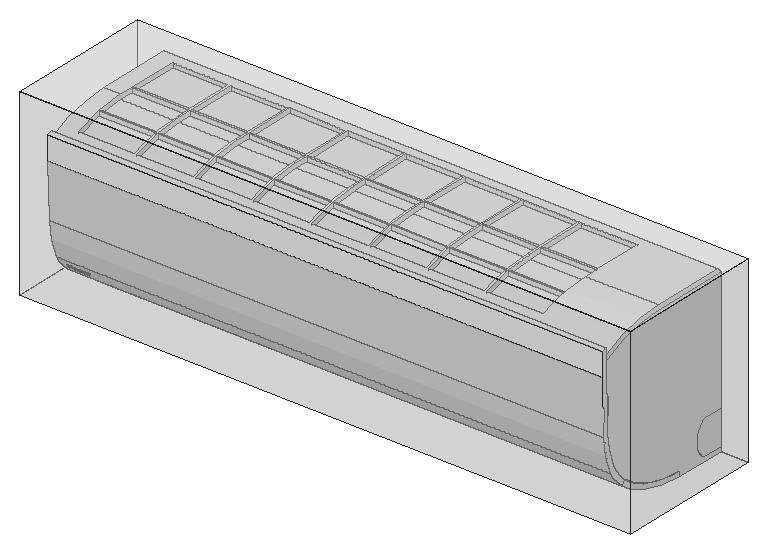
Revit family "outputfile", category 機械設備, Revit 2024
Family settings
  丸型コネクタ寸法 = 半径を使用
  パーツ タイプ = 標準
  OmniClass 番号 = 23.75.10.24.21.27.27
  OmniClass タイトル = Split System Air Conditioning Units
  作業面ベース = いいえ
  常に垂直 = はい
  ロード時にボイドで切り取り = いいえ
  注釈の向きを維持 = いいえ
  共有 = いいえ
  部屋計算ポイント = いいえ
Parameters (values of type "FTXV50QVMV")
  Description = ""
  書き出し IFC クラス(タイプ) = "IfcUnitaryEquipmentType"
  定義済み IFC タイプ(タイプ) = "AIRCONDITIONINGUNIT"
  Cost = 0
  Type Comments = ""
  Keynote = ""
  Type Image = (empty or 0)
  Assembly Code = ""
  w_wall hole = if(Width = 770.0 mm, 48.0 mm, 60.0 mm)  # 60.0 mm
  製造元 = "Daikin"
  モデル = "FTXV50QVMV"
  switch_frequency = yes
  r_Liquid Pipe Size = Liquid Pipe Size / 2  # 3.2 mm
  r_Gas Pipe Size = Gas Pipe Size / 2  # 6.35 mm
  r_Drain Pipe Size = Drain Pipe Size / 2  # 8.0 mm
  lw_powersupply [instance] = if(Width = 770.0 mm, if(or(Rear Right Connection_refrigerant, Bottom Right Connection_refrigerant), 25.0 mm, if(or(Rear Left Connection_refrigerant, Bottom Left Connection_refrigerant), 745.0 mm, 400.0 mm)), if(Width = 990.0 mm, if(or(Rear Right Connection_refrigerant, Bottom Right Connection_refrigerant), 40.0 mm, if(or(Rear Left Connection_refrigerant, Bottom Left Connection_refrigerant), 920.0 mm, 400.0 mm)), if(or(Rear Right Connection_refrigerant, Bottom Right Connection_refrigerant), 40.0 mm, if(or(Rear Left Connection_refrigerant, Bottom Left Connection_refrigerant), 920.0 mm, 400.0 mm))))  # 400.0 mm
  lw_liquidpipe [instance] = if(Width = 770.0 mm, if(or(Rear Right Connection_refrigerant, Bottom Right Connection_refrigerant), 0.0 mm, if(or(Rear Left Connection_refrigerant, Bottom Left Connection_refrigerant), 664.0 mm, 385.0 mm)), if(Width = 990.0 mm, if(or(Rear Right Connection_refrigerant, Bottom Right Connection_refrigerant), 0.0 mm, if(or(Rear Left Connection_refrigerant, Bottom Left Connection_refrigerant), 664.0 mm + (990.0 mm - 770.0 mm), 475.0 mm)), if(or(Rear Right Connection_refrigerant, Bottom Right Connection_refrigerant), 0.0 mm, if(or(Rear Left Connection_refrigerant, Bottom Left Connection_refrigerant), 664.0 mm + (990.0 mm - 770.0 mm), 475.0 mm))))  # 475.0 mm
  lw_gaspipe [instance] = if(Width = 770.0 mm, if(or(Rear Right Connection_refrigerant, Bottom Right Connection_refrigerant), 0.0 mm, if(or(Rear Left Connection_refrigerant, Bottom Left Connection_refrigerant), 675.0 mm, if(Gas Pipe Size = 12.7 mm, 345.0 mm, 335.0 mm))), if(Width = 990.0 mm, if(or(Rear Right Connection_refrigerant, Bottom Right Connection_refrigerant), 10.0 mm, if(or(Rear Left Connection_refrigerant, Bottom Left Connection_refrigerant), 890.0 mm, if(Gas Pipe Size = 15.9 mm, 410.0 mm, 400.0 mm))), if(or(Rear Right Connection_refrigerant, Bottom Right Connection_refrigerant), 10.0 mm, if(or(Rear Left Connection_refrigerant, Bottom Left Connection_refrigerant), 890.0 mm, if(Gas Pipe Size = 15.9 mm, 410.0 mm, 400.0 mm)))))  # 400.0 mm
  lw_drainpipe [instance] = if(Width = 770.0 mm, if(or(Rear Right Connection_refrigerant, Bottom Right Connection_refrigerant), 0.0 mm, if(or(Rear Left Connection_refrigerant, Bottom Left Connection_refrigerant), 770.0 mm - 48.0 mm - 48.0 mm, 440.0 mm)), if(Width = 990.0 mm, if(or(Rear Right Connection_refrigerant, Bottom Right Connection_refrigerant), 0.0 mm, if(or(Rear Left Connection_refrigerant, Bottom Left Connection_refrigerant), 675.0 mm + (990.0 mm - 770.0 mm), 435.0 mm)), if(or(Rear Right Connection_refrigerant, Bottom Right Connection_refrigerant), 0.0 mm, if(or(Rear Left Connection_refrigerant, Bottom Left Connection_refrigerant), 675.0 mm + (990.0 mm - 770.0 mm), 435.0 mm))))  # 435.0 mm
  l_powersupply_length [instance] = if(Width = 770.0 mm, if(Right Connection_refrigerant, 400.0 mm, if(Left Connection_refrigerant, 770.0 mm - 400.0 mm, if(or(Rear Left Connection_refrigerant, Rear Right Connection_refrigerant), 15.0 mm, 50.0 mm))), if(Width = 990.0 mm, if(Right Connection_refrigerant, 400.0 mm, if(Left Connection_refrigerant, 990.0 mm - 400.0 mm, if(or(Rear Left Connection_refrigerant, Rear Right Connection_refrigerant), 15.0 mm, 50.0 mm))), if(Right Connection_refrigerant, 400.0 mm, if(Left Connection_refrigerant, 990.0 mm - 400.0 mm, if(or(Rear Left Connection_refrigerant, Rear Right Connection_refrigerant), 15.0 mm, 50.0 mm)))))  # 400.0 mm
  l_liquidpipe_length [instance] = if(Width = 770.0 mm, if(Right Connection_refrigerant, 433.0 mm, if(Left Connection_refrigerant, 337.0 mm, if(or(Rear Left Connection_refrigerant, Rear Right Connection_refrigerant), 30.0 mm, 40.0 mm))), if(Width = 990.0 mm, if(Right Connection_refrigerant, 535.0 mm, if(Left Connection_refrigerant, 455.0 mm, if(or(Rear Left Connection_refrigerant, Rear Right Connection_refrigerant), 30.0 mm, 40.0 mm))), if(Right Connection_refrigerant, 535.0 mm, if(Left Connection_refrigerant, 455.0 mm, if(or(Rear Left Connection_refrigerant, Rear Right Connection_refrigerant), 30.0 mm, 40.0 mm)))))  # 535.0 mm
  l_gaspipe_length [instance] = if(Width = 770.0 mm, if(Right Connection_refrigerant, if(Gas Pipe Size = 12.7 mm, 393.0 mm, 383.0 mm), if(Left Connection_refrigerant, if(Gas Pipe Size = 12.7 mm, 770.0 mm - 393.0 mm, 770.0 mm - 383.0 mm), if(or(Rear Left Connection_refrigerant, Rear Right Connection_refrigerant), 40.0 mm, 50.0 mm))), if(Width = 990.0 mm, if(Right Connection_refrigerant, if(Gas Pipe Size = 15.9 mm, 470.0 mm, 460.0 mm), if(Left Connection_refrigerant, if(Gas Pipe Size = 15.9 mm, 990.0 mm - 470.0 mm, 990.0 mm - 460.0 mm), if(or(Rear Left Connection_refrigerant, Rear Right Connection_refrigerant), 40.0 mm, 50.0 mm))), if(Right Connection_refrigerant, if(Gas Pipe Size = 15.9 mm, 470.0 mm, 460.0 mm), if(Left Connection_refrigerant, if(Gas Pipe Size = 15.9 mm, 990.0 mm - 470.0 mm, 990.0 mm - 460.0 mm), if(or(Rear Left Connection_refrigerant, Rear Right Connection_refrigerant), 40.0 mm, 50.0 mm)))))  # 460.0 mm
  l_drainpipe_length [instance] = if(Width = 770.0 mm, if(Right Connection_refrigerant, 488.0 mm, if(Left Connection_refrigerant, 282.0 mm, if(or(Rear Left Connection_refrigerant, Rear Right Connection_refrigerant), 15.0 mm, 20.0 mm))), if(Width = 990.0 mm, if(Right Connection_refrigerant, 495.0 mm, if(Left Connection_refrigerant, 495.0 mm, if(or(Rear Left Connection_refrigerant, Rear Right Connection_refrigerant), 15.0 mm, 20.0 mm))), if(Right Connection_refrigerant, 495.0 mm, if(Left Connection_refrigerant, 495.0 mm, if(or(Rear Left Connection_refrigerant, Rear Right Connection_refrigerant), 15.0 mm, 20.0 mm)))))  # 495.0 mm
  h*** = 0.0 mm  # constant formula
  connector_voltage = Voltage_50Hz  # 230 V
  connector_powerinput = if([Power Input (Cooling)] > [Power Input (Heating)], [Power Input (Cooling)], [Power Input (Heating)])  # 0.000 kW
  connector_phase = Phase_50Hz  # 1
  angle_vertical [instance] = if(or(Bottom Left Connection_refrigerant, Bottom Right Connection_refrigerant), 0.00°, 90.00°)  # 90.00°
  angle_horizontal [instance] = if(Right Connection_refrigerant, 90.00°, if(Left Connection_refrigerant, -90.00°, if(or(Rear Left Connection_refrigerant, Rear Right Connection_refrigerant), 180.00°, 0.00°)))  # 90.00°
  Width = 990.0 mm
  Voltage_comment_50Hz = "220 - 240"
  Voltage_50Hz = 230 V
  Version = "ver.1.0"
  Unit Type = "Wall Mounted"
  Unit Mass Weight = 13.00 kg
  Unit Designation [instance] = ""
  Uniclass2015Version = "Products v1.30"
  Uniclass2015Title = "Split coil room air conditioning units"
  Uniclass2015Code = "Pr_70_65_03_86"
  URL = ""
  Total Heating Capacity [instance] = 0.000 kW
  Total Cooling Capacity [instance] = 0.000 kW
  Sound Pressure Level_M speed (dBA) = 40
  Sound Pressure Level_L speed (dBA) = 35
  Sound Pressure Level_H speed (dBA) = 45
  Sound Power Level_H speed (dB) = 0
  Series = "Single Split_Fan Coil Unit"
  Sensible Cooling Capacity [instance] = 0.000 kW
  Refrigerant Type = "R32"
  Power Input (Heating) = 0.000 kW
  Power Input (Cooling) = 0.000 kW
  Phase_50Hz = 1
  Option Accessory 3 [instance] = ""
  Option Accessory 2 [instance] = ""
  Option Accessory 1 [instance] = ""
  Nominal Heating Capacity = 6.000 kW
  Nominal Cooling Capacity = 5.000 kW
  Minimum Circuit Amps_50Hz = 0.0 A
  Minimum Airflow = 666.00 m³/h
  Median Airflow = 816.00 m³/h
  Maximum Fuse Amps_50Hz = 0.0 A
  Maximum Airflow = 960.00 m³/h
  Material_Casing = DAIKIN_PureWhite_Casing_indoorunit
  Load Classification = HVAC
  Liquid Pipe Size = 6.4 mm
  Link_Nested Family [instance] = ""
  IfcVersion = ""
  IfcExportType = "AIRCONDITIONINGUNIT"
  IfcExportAs = "IfcUnitaryEquipmentType"
  Height = 295.0 mm
  Heating Entering Wet Bulb Temperature [instance] = 0.00 °C
  Heating Entering Dry Bulb Temperature [instance] = 0.00 °C
  Heating Ambient Wet Bulb Temperature [instance] = 0.00 °C
  Heating Ambient Dry Bulb Temperature [instance] = 0.00 °C
  Heat Exchanger Type = "Cross Fin Coil"
  Gas Pipe Size = 12.7 mm
  Frequency_50Hz = 50 Hz
  Fan Type = "Cross Flow Fan"
  Fan Drive = "Direct Drive"
  FCU Tag No. [instance] = ""
  Drain Pipe Size = 16.0 mm
  Design Supply Airflow [instance] = 0.00 m³/h
  Depth = 263.0 mm
  既定の高さ = 0.0 mm
  Cooling Entering Wet Bulb Temperature [instance] = 0.00 °C
  Cooling Entering Dry Bulb Temperature [instance] = 0.00 °C
  Cooling Ambient Wet Bulb Temperature [instance] = 0.00 °C
  Cooling Ambient Dry Bulb Temperature [instance] = 0.00 °C
  Clearance visibility [instance] = yes
  Clearance Top = 30.0 mm
  Clearance Right = 50.0 mm
  Clearance Rear = 0.0 mm
  Clearance Left = 50.0 mm
  Clearance Front = 0.0 mm
  Clearance Bottom = 0.0 mm
  Bottom Right Connection_refrigerant [instance] = no
  Bottom Left Connection_refrigerant [instance] = no
  Rear Right Connection_refrigerant [instance] = no
  Rear Left Connection_refrigerant [instance] = no
  Right Connection_refrigerant [instance] = yes
  Left Connection_refrigerant [instance] = no
Reference planes
  plane 1 "Back": y = 0
  plane 2: z = 0
  plane 3 "Center (Left/Right)": x = 0
  plane 4 "Center (Front/Back)": y = -131.5
  plane 5 "Front": y = -263
  plane 6 "Left": x = -495
  plane 7 "Right": x = 495
  plane 8 "Top": z = 0
  plane 9 "Bottom": z = -295
  plane 10: x = -545
  plane 11: x = 545
  plane 12: y = 0
  plane 13: y = -263
  plane 14: z = 30
  plane 15: z = -295
  plane 16 "lw_Piping and Wiring intake": x = 435
  plane 17 "lw_gaspipe": x = 35
  plane 18 "lw_liquidpipe": x = -40
  plane 19 "lw_drainpipe": x = 0
  plane 20 "lh_drainpipe": z = -275
  plane 21 "lh_liquidpipe": z = -255
  plane 22 "lh_gaspipe": z = -245
  plane 23 "ld_drainpipe": y = -15
  plane 24 "ld_liquidpipe": y = -30
  plane 25 "ld_gaspipe": y = -40
  plane 26 "lw_powersupply": x = 95
Dimensions and locks
  equal spacing: plane 6 "Left", plane 3 "Center (Left/Right)", plane 7 "Right"
  "Width": plane 6 "Left" to plane 7 "Right"
  equal spacing: plane 5 "Front", plane 4 "Center (Front/Back)", plane 1 "Back"
  "Depth": plane 5 "Front" to plane 1 "Back"
  "Height": plane 8 "Top" to plane 9 "Bottom"
  "Clearance Rear": plane 12 to plane 1 "Back"
  "Clearance Front": plane 13 to plane 5 "Front"
  "Clearance Top": plane 14 to plane 8 "Top"
  "Clearance Bottom": plane 9 "Bottom" to plane 15
  "w_wall hole": plane 16 "lw_Piping and Wiring intake" to plane 7 "Right"
  "lw_gaspipe": plane 17 "lw_gaspipe" to plane 16 "lw_Piping and Wiring intake"
  "lw_liquidpipe": plane 18 "lw_liquidpipe" to plane 16 "lw_Piping and Wiring intake"
  "lw_drainpipe": plane 19 "lw_drainpipe" to plane 16 "lw_Piping and Wiring intake"
  locked: plane 20 "lh_drainpipe" to plane 9 "Bottom" at 20
  locked: plane 21 "lh_liquidpipe" to plane 9 "Bottom" at 40
  locked: plane 22 "lh_gaspipe" to plane 9 "Bottom" at 50
  locked: plane 23 "ld_drainpipe" to plane 1 "Back" at 15
  locked: plane 1 "Back" to plane 24 "ld_liquidpipe" at 30
  locked: plane 1 "Back" to plane 25 "ld_gaspipe" at 40
  "lw_powersupply": plane 26 "lw_powersupply" to plane 7 "Right"
  "Clearance Left": plane 10 to plane 6 "Left"
  "Clearance Right": plane 7 "Right" to plane 11
  aligned and locked: level to plane 2
  aligned and locked: plane 12 to nested 1
  aligned and locked: nested 1 to plane 13
  aligned and locked: plane 10 to nested 1
  aligned and locked: plane 11 to nested 1
  aligned and locked: plane 15 to nested 1
  aligned and locked: plane 14 to nested 1
  aligned and locked: plane 17 "lw_gaspipe" to nested 2
  aligned and locked: nested 2 to plane 25 "ld_gaspipe"
  aligned and locked: plane 18 "lw_liquidpipe" to nested 3
  aligned and locked: nested 3 to plane 24 "ld_liquidpipe"
  aligned and locked: plane 19 "lw_drainpipe" to nested 4
  aligned and locked: nested 4 to plane 23 "ld_drainpipe"
  aligned and locked: nested 5 to plane 23 "ld_drainpipe"
  aligned and locked: plane 26 "lw_powersupply" to nested 5
  aligned and locked: level to plane 8 "Top"
  aligned and locked: plane 3 "Center (Left/Right)" to nested 6
  aligned and locked: plane 1 "Back" to nested 6
  aligned and locked: plane 8 "Top" to nested 6
Nested families
  nested 1: "daikin_clearancespace" at (0, -131.5, -132.381), show <- "Clearance visibility", visible <- "Clearance visibility", Link_Nested Family <- "Link_Nested Family", type "daikin_clearancespace"
    with width 1090.0 mm, show yes, height 325.0 mm, depth 263.0 mm, Link_Nested Family ""
  nested 2: "daikin_connector_rotate3" at (35, -40, -245), angle_vertical <- "angle_vertical", angle_horizontal <- "angle_horizontal", length <- "l_gaspipe_length", radius <- "r_Gas Pipe Size", type "daikin_connector_rotate3"
    with show no, radius 6.35 mm, length 460.0 mm, angle_vertical 90.00°, angle_horizontal 90.00°
  nested 3: "daikin_connector_rotate3" at (-40, -30, -255), angle_vertical <- "angle_vertical", angle_horizontal <- "angle_horizontal", radius <- "r_Liquid Pipe Size", length <- "l_liquidpipe_length", type "daikin_connector_rotate3"
    with show no, radius 3.2 mm, length 535.0 mm, angle_vertical 90.00°, angle_horizontal 90.00°
  nested 4: "daikin_connector_rotate3" at (0, -15, -275), angle_vertical <- "angle_vertical", angle_horizontal <- "angle_horizontal", length <- "l_drainpipe_length", radius <- "r_Drain Pipe Size", type "daikin_connector_rotate3"
    with show no, radius 8.0 mm, length 495.0 mm, angle_vertical 90.00°, angle_horizontal 90.00°
  nested 5: "daikin_connector_rotate3" at (95, -15, -245), angle_vertical <- "angle_vertical", angle_horizontal <- "angle_horizontal", length <- "l_powersupply_length", type "daikin_connector_rotate3"
    with show no, radius 10.0 mm, length 400.0 mm, angle_vertical 90.00°, angle_horizontal 90.00°
  nested 6: "DAIKIN_indoorunit_FTXV-QVMV" at (-31, 0, 0), type "FTXV-QVMV"
    with switch_unit1_50-71 yes, switch_unit1_25-35 no, Width 990.0 mm, WALL HOLE-R 60.0 mm, WALL HOLE Size 80.0 mm, Height 295.0 mm
Connectors
  piping at (495, -40, -245), diameter 12.7, driven by "r_Gas Pipe Size"
    settings: on nested 2, index 1, connector inside diameter 609.6 mm, connector length 0.0 mm, flow factor 0, pipe flow 0.00 m³/h, pressure drop 0.0 Pa, fitting loss kfactor 0, connector angle 0.00°, fixture units 0, engagement length 0.0 mm, angle of deflection 0.00°, flow configuration 1, flow direction 2, fitting loss method 0, system type 29, joint type 0, gender type 0, connector reference index -1, connector utility 0, adjustable connector no, is connector primary yes, connector description "Refrigerant Gas Piping"
  piping at (495, -30, -255), diameter 6.4, driven by "r_Liquid Pipe Size"
    settings: on nested 3, index 2, connector inside diameter 609.6 mm, connector length 0.0 mm, flow factor 0, pipe flow 0.00 m³/h, pressure drop 0.0 Pa, fitting loss kfactor 0, connector angle 0.00°, fixture units 0, engagement length 0.0 mm, angle of deflection 0.00°, flow configuration 1, flow direction 1, fitting loss method 0, system type 29, joint type 0, gender type 0, connector reference index -1, connector utility 0, adjustable connector no, is connector primary no, connector description "Refrigerant Liquid Piping"
  piping at (495, -15, -275), diameter 16, driven by "r_Drain Pipe Size"
    settings: on nested 4, index 3, connector inside diameter 609.6 mm, connector length 0.0 mm, flow factor 0, pipe flow 0.00 m³/h, pressure drop 0.0 Pa, fitting loss kfactor 0, connector angle 0.00°, fixture units 0, engagement length 0.0 mm, angle of deflection 0.00°, flow configuration 1, flow direction 2, fitting loss method 4, system type 16, joint type 0, gender type 0, connector reference index -1, connector utility 0, adjustable connector no, is connector primary no, connector description "Condensate Drain Piping"
  electrical at (495, -15, -245), driven by "Load Classification", driven by "connector_powerinput", driven by "connector_phase", driven by "connector_voltage"
    settings: on nested 5, index 4, voltage 230 V, apparent load 0 VA, apparent load phase1 0 VA, apparent load phase2 0 VA, apparent load phase3 0 VA, power factor 1, load classification "HVAC", number of poles 1, system type 30, power factor state 1, is connector primary yes, connector utility no, sub classification motor no, connector description "Power Supply"
Definition of nested family "daikin_clearancespace"
  Parameters (values of type "daikin_clearancespace")
    Description = "daikin_clearancespace"
    width [instance] = 1823.963 mm
    show [instance] = yes
    material = none
    height [instance] = 1359.762 mm
    depth [instance] = 880.0 mm
    Default Elevation = 0.0 mm
    Link_Nested Family [instance] = ""
  Reference planes
    plane 1 "Center (Front/Back)": y = 0
    plane 2 "Center (Elevation)": z = -0.119
    plane 3 "Center (Left/Right)": x = 0
    plane 4: y = 440
    plane 5: y = -440
    plane 6 "Right": x = 911.982
    plane 7 "Left": x = -911.982
    plane 8 "Top": z = 679.762
    plane 9 "Bottom": z = -680
  Forms (mm)
    Extrusion 1, solid, material <- "material", visible <- "show"
      sketch origin (0, 0, 0) x (1, 0, 0) y (0, 1, 0)
        loop
          line (-911.982, 440) -> (-911.982, -440) -> (911.982, -440) -> (911.982, 440) -> (-911.982, 440)
      from -680 to 679.762
  Lines and regions (mm)
    symbolic lines, visible <- "show"
      curve 1: line (911.982, 440, 0) -> (-911.982, 440, 0)
      curve 2: line (-911.982, 440, 0) -> (-911.982, -440, 0)
      curve 3: line (-911.982, -440, 0) -> (911.982, -440, 0)
      curve 4: line (911.982, -440, 0) -> (911.982, 440, 0)
      curve 5: line (911.982, 0, 679.762) -> (-911.982, 0, 679.762)
      curve 6: line (911.982, 0, -680) -> (911.982, 0, 679.762)
      curve 7: line (-911.982, 0, -680) -> (911.982, 0, -680)
      curve 8: line (-911.982, 0, 679.762) -> (-911.982, 0, -680)
      curve 9: line (0, 440, 679.762) -> (0, -440, 679.762)
      curve 10: line (0, -440, 679.762) -> (0, -440, -680)
      curve 11: line (0, 440, -680) -> (0, 440, 679.762)
      curve 12: line (0, -440, -680) -> (0, 440, -680)
  Dimensions and locks
    "width": plane 7 "Left" to plane 6 "Right"
    "depth": plane 4 to plane 5
    "height": plane 8 "Top" to plane 9 "Bottom"
    equal spacing: plane 7 "Left", plane 3 "Center (Left/Right)", plane 6 "Right"
    equal spacing: plane 4, plane 1 "Center (Front/Back)", plane 5
    equal spacing: plane 8 "Top", plane 2 "Center (Elevation)", plane 9 "Bottom"
    aligned and locked: level to plane 2 "Center (Elevation)"
    aligned and locked: Extrusion 1 sketch curve to plane 4
    aligned and locked: plane 7 "Left" to Extrusion 1 sketch curve
    aligned and locked: Extrusion 1 sketch curve to plane 5
    aligned and locked: Extrusion 1 sketch curve to plane 6 "Right"
    aligned and locked: plane 8 "Top" to Extrusion 1
    aligned and locked: curve 1 to Extrusion 1
    aligned and locked: curve 2 to Extrusion 1
    aligned and locked: curve 3 to Extrusion 1
    aligned and locked: curve 4 to Extrusion 1
    aligned and locked: curve 5 to Extrusion 1
    aligned and locked: curve 6 to Extrusion 1
    aligned and locked: curve 7 to Extrusion 1
    aligned and locked: curve 8 to Extrusion 1
    aligned and locked: curve 9 to Extrusion 1
    aligned and locked: curve 10 to Extrusion 1
    aligned and locked: curve 11 to Extrusion 1
    aligned and locked: curve 12 to Extrusion 1
    aligned and locked: Extrusion 1 to plane 9 "Bottom"
Definition of nested family "DAIKIN_indoorunit_FTXV-QVMV"
  Parameters (values of type "CTKM-RVMV")
    switch_unit1_50-71 = Width = 990.0 mm  # no
    switch_unit1_25-35 = Width = 770.0 mm  # yes
    Width = 770.0 mm
    WALL HOLE-R = if(Width = 770.0 mm, 48.0 mm, 60.0 mm)  # 48.0 mm
    WALL HOLE Size = if(Width = 770.0 mm, 65.0 mm, 80.0 mm)  # 65.0 mm
    Material_Casing = none
    Height = if(Width = 770.0 mm, 285.0 mm, 295.0 mm)  # 285.0 mm
    Default Elevation = 0.0 mm
  Reference planes
    plane 1 "Center (Front/Back)": y = 0
    plane 2 "reference_level": z = 0
    plane 3 "Center (Left/Right)": x = 31
    plane 4: x = -354
    plane 5: x = 416
    plane 6: z = -285
  Forms (mm)
    Extrusion 1, solid, material <- "Material_Casing", visible <- "switch_unit1_25-35"
      sketch origin (29, 0, 0) x (0, 1, 0) y (0, 0, 1)
        loop
          line (-5, 0) -> (-98, 0)
          arc (-98, 0) -> (-157.611, -7.211) -> (-213.783, -28.427) r 250
          arc (-213.783, -28.427) -> (-213.842, -32.972) -> (-213.892, -37.516) r 2191
          arc (-213.892, -37.516) -> (-157.832, -15.495) -> (-98.07, -8) r 242
          line (-98.07, -8) -> (0, -8) -> (-5, 0)
      from -383 to 387
    Extrusion 2, solid, material <- "Material_Casing", visible <- "switch_unit1_25-35"
      sketch origin (416, 1296.25, 1200) x (0, 1, 0) y (0, 0, 1)
        loop
          line (-1472.998, -1446.91) -> (-1476.998, -1453.839)
          arc (-1476.998, -1453.839) -> (-1437.481, -1472.422) -> (-1395.25, -1483.538) r 240
          line (-1395.25, -1483.538) -> (-1395.25, -1475.422)
          arc (-1395.25, -1475.422) -> (-1435.407, -1464.663) -> (-1472.998, -1446.91) r 232
      from 0 to -47.5
    Extrusion 3, solid, material <- "Material_Casing", visible <- "switch_unit1_25-35"
      sketch origin (29, 0, 0) x (0, 1, 0) y (0, 0, 1)
        loop
          arc (-223, -60.455) -> (-222.414, -110.646) -> (-220.656, -160.81) r 2149.92
          arc (-220.656, -160.81) -> (-219.65, -174.299) -> (-217.853, -187.706) r 229.911
          arc (-217.853, -187.706) -> (-205.371, -223.594) -> (-181.517, -253.17) r 111
          line (-181.517, -253.17) -> (-177.429, -246.093)
          arc (-177.429, -246.093) -> (-198.77, -218.989) -> (-209.965, -186.36) r 103
          arc (-209.965, -186.36) -> (-211.681, -173.586) -> (-212.651, -160.735) r 221.844
          arc (-212.651, -160.735) -> (-214.739, -93.233) -> (-214.74, -25.699) r 2186.828
          arc (-214.74, -25.699) -> (-214.671, -21.467) -> (-214.594, -17.235) r 2192
          line (-214.594, -17.235) -> (-223, -19.961) -> (-223, -60.455)
      from -383 to 387
    Extrusion 4, solid, material <- "Material_Casing", visible <- "switch_unit1_25-35"
      sketch origin (29, 0, -20) x (0, 1, 0) y (0, 0, 1)
        loop
          line (0, -265) -> (0, 12) -> (-98.07, 12)
          arc (-98.07, 12) -> (-157.832, 4.505) -> (-213.892, -17.516) r 242
          arc (-213.892, -17.516) -> (-213.638, -79.114) -> (-211.653, -140.681) r 2191
          arc (-211.653, -140.681) -> (-210.685, -153.501) -> (-208.973, -166.243) r 221
          arc (-208.973, -166.243) -> (-197.471, -199.282) -> (-175.482, -226.491) r 102
          arc (-175.482, -226.491) -> (-138.004, -244.019) -> (-98, -254.579) r 231
          line (-98, -254.579) -> (-98, -265) -> (0, -265)
      from -383 to 387
    Extrusion 5, solid, material <- "Material_Casing", visible <- "switch_unit1_25-35"
      sketch origin (-354, 1296.25, 1200) x (0, 1, 0) y (0, 0, 1)
        loop
          line (-1472.998, -1446.91) -> (-1476.998, -1453.839)
          arc (-1476.998, -1453.839) -> (-1437.481, -1472.422) -> (-1395.25, -1483.538) r 240
          line (-1395.25, -1483.538) -> (-1395.25, -1475.422)
          arc (-1395.25, -1475.422) -> (-1435.407, -1464.663) -> (-1472.998, -1446.91) r 232
      from 47 to 0
    Extrusion 6, solid, material <- "Material_Casing", visible <- "switch_unit1_25-35"
      sketch origin (416, 1296.25, 1200) x (0, 1, 0) y (0, 0, 1)
        loop
          line (-1472.998, -1446.91) -> (-1476.998, -1453.839)
          arc (-1476.998, -1453.839) -> (-1443.437, -1470.168) -> (-1407.75, -1481.097) r 240
          line (-1407.75, -1481.097) -> (-1407.75, -1472.894)
          arc (-1407.75, -1472.894) -> (-1441.363, -1462.385) -> (-1472.998, -1446.91) r 232
      from -116.993 to -48.493
    Extrusion 7, solid, material <- "Material_Casing", visible <- "switch_unit1_25-35"
      sketch origin (416, 1296.25, 1200) x (0, 1, 0) y (0, 0, 1)
        loop
          line (-1472.998, -1446.91) -> (-1476.998, -1453.839)
          arc (-1476.998, -1453.839) -> (-1443.437, -1470.168) -> (-1407.75, -1481.097) r 240
          line (-1407.75, -1481.097) -> (-1407.75, -1472.894)
          arc (-1407.75, -1472.894) -> (-1441.363, -1462.385) -> (-1472.998, -1446.91) r 232
      from -717 to -121.993
    Extrusion 8, void
      sketch origin (31, 0, -235) x (1, 0, 0) y (0, 1, 0)
        loop
          line (-252.674, -22.316) -> (-354.941, -22.316) -> (-354.941, -91.341) -> (-252.674, -91.341) -> (-252.674, -22.316)
        loop
          line (-249.341, -91.341) -> (-151.574, -91.341) -> (-151.574, -22.316) -> (-249.341, -22.316) -> (-249.341, -91.341)
        loop
          line (58.309, -22.316) -> (-148.309, -22.316) -> (-148.309, -91.341) -> (58.309, -91.341) -> (58.309, -22.316)
        loop
          line (61.689, -22.316) -> (61.689, -91.341) -> (159.457, -91.341) -> (159.457, -22.316) -> (61.689, -22.316)
        loop
          line (162.789, -22.316) -> (162.789, -91.341) -> (265.057, -91.341) -> (265.057, -22.316) -> (162.789, -22.316)
        loop
          line (-354.941, -94.659) -> (-354.941, -165.259) -> (-252.674, -165.259) -> (-252.674, -94.659) -> (-354.941, -94.659)
        loop
          line (-249.341, -94.659) -> (-249.341, -165.259) -> (-151.574, -165.259) -> (-151.574, -94.659) -> (-249.341, -94.659)
        loop
          line (-148.309, -94.659) -> (-148.309, -165.259) -> (58.309, -165.259) -> (58.309, -94.659) -> (-148.309, -94.659)
        loop
          line (61.689, -94.659) -> (61.689, -165.259) -> (159.457, -165.259) -> (159.457, -94.659) -> (61.689, -94.659)
        loop
          line (162.789, -94.659) -> (162.789, -165.259) -> (265.057, -165.259) -> (265.057, -94.659) -> (162.789, -94.659)
        loop
          line (-354.941, -167.382) -> (-354.941, -192.681) -> (-252.674, -192.681) -> (-252.674, -167.382) -> (-354.941, -167.382)
        loop
          line (-249.341, -167.382) -> (-249.341, -192.681) -> (-151.574, -192.681) -> (-151.574, -167.382) -> (-249.341, -167.382)
        loop
          line (-148.309, -167.382) -> (-148.309, -192.681) -> (58.309, -192.681) -> (58.309, -167.382) -> (-148.309, -167.382)
        loop
          line (159.457, -167.382) -> (61.689, -167.382) -> (61.689, -192.681) -> (159.457, -192.681) -> (159.457, -167.382)
        loop
          line (265.057, -167.382) -> (162.789, -167.382) -> (162.789, -192.681) -> (265.057, -192.681) -> (265.057, -167.382)
      from 201.638 to 250
    Extrusion 9, solid, material <- "Material_Casing"
      sketch origin (31, 0, 0) x (1, 0, 0) y (0, 0, 1)
        loop
          circle (337, -240.5) r 32.5
        loop
          circle (-337, -240.5) r 32.5
      from 0 to 5
    Extrusion 10, solid, material <- "Material_Casing", visible <- "switch_unit1_25-35"
      sketch origin (416, 1296.25, 1200) x (0, -1, 0) y (0, 0, 1)
        loop
          line (1326.25, -1417) -> (1296.25, -1417) -> (1296.25, -1477) -> (1326.25, -1477)
          arc (1326.25, -1477) -> (1340.393, -1471.142) -> (1346.25, -1457) r 20
          line (1346.25, -1457) -> (1346.25, -1437)
          arc (1346.25, -1437) -> (1340.393, -1422.858) -> (1326.25, -1417) r 20
      from 0 to 5
    Extrusion 11, solid, material <- "Material_Casing", visible <- "switch_unit1_25-35"
      sketch origin (-354, 1296.25, 1200) x (0, 1, 0) y (0, 0, 1)
        loop
          line (-1296.25, -1417) -> (-1326.25, -1417)
          arc (-1326.25, -1417) -> (-1340.393, -1422.858) -> (-1346.25, -1437) r 20
          line (-1346.25, -1437) -> (-1346.25, -1457)
          arc (-1346.25, -1457) -> (-1340.393, -1471.142) -> (-1326.25, -1477) r 20
          line (-1326.25, -1477) -> (-1296.25, -1477) -> (-1296.25, -1417)
      from 0 to 5
    Extrusion 12, solid, material <- "Material_Casing", visible <- "switch_unit1_25-35"
      sketch origin (31, 0, -285) x (-1, 0, 0) y (0, -1, 0)
        loop
          line (-314, 0) -> (-314, 30)
          arc (-314, 30) -> (-319.858, 44.142) -> (-334, 50) r 20
          line (-334, 50) -> (-354, 50)
          arc (-354, 50) -> (-368.142, 44.142) -> (-374, 30) r 20
          line (-374, 30) -> (-374, 0) -> (-314, 0)
        loop
          line (374, 0) -> (374, 30)
          arc (374, 30) -> (368.142, 44.142) -> (354, 50) r 20
          line (354, 50) -> (334, 50)
          arc (334, 50) -> (319.858, 44.142) -> (314, 30) r 20
          line (314, 30) -> (314, 0) -> (374, 0)
      from 0 to 5
    Extrusion 13, solid, material <- "Material_Casing", visible <- "switch_unit1_50-71"
      sketch origin (31, 0, 0) x (0, 1, 0) y (0, 0, 1)
        loop
          line (-5, 0) -> (-138, 0)
          arc (-138, 0) -> (-197.611, -7.211) -> (-253.783, -28.427) r 250
          arc (-253.783, -28.427) -> (-253.838, -32.687) -> (-253.886, -36.946) r 2191
          arc (-253.886, -36.946) -> (-197.73, -15.346) -> (-138.014, -8) r 246.393
          line (-138.014, -8) -> (0, -8) -> (-5, 0)
      from -495 to 495
    Extrusion 14, solid, material <- "Material_Casing", visible <- "switch_unit1_50-71"
      sketch origin (418, 1296.25, 1200) x (0, 1, 0) y (0, 0, 1)
        loop
          arc (-1515.208, -1454.149) -> (-1506.856, -1460.599) -> (-1497.925, -1466.219) r 110
          arc (-1497.925, -1466.219) -> (-1445.718, -1487.493) -> (-1389.844, -1494.995) r 223
          line (-1389.844, -1494.995) -> (-1389.844, -1486.086) -> (-1404.386, -1486.086)
          arc (-1404.386, -1486.086) -> (-1449.542, -1477.46) -> (-1491.818, -1459.402) r 214.289
          arc (-1491.818, -1459.402) -> (-1501.056, -1453.541) -> (-1509.606, -1446.715) r 101
          line (-1509.606, -1446.715) -> (-1515.208, -1454.149)
      from 108 to 57.5
    Extrusion 15, solid, material <- "Material_Casing", visible <- "switch_unit1_50-71"
      sketch origin (31, 0, 0) x (0, 1, 0) y (0, 0, 1)
        loop
          line (-263, -19.962) -> (-263, -61.6)
          arc (-263, -61.6) -> (-262.414, -110.219) -> (-260.656, -158.81) r 2017.341
          arc (-260.656, -158.81) -> (-255.648, -191.935) -> (-244.041, -223.362) r 164.725
          arc (-244.041, -223.362) -> (-233.569, -239.793) -> (-219.717, -253.495) r 87.379
          line (-219.717, -253.495) -> (-214.706, -246.846)
          arc (-214.706, -246.846) -> (-229.564, -230.029) -> (-240.385, -210.371) r 102
          arc (-240.385, -210.371) -> (-249.049, -182.962) -> (-252.848, -154.467) r 165.789
          arc (-252.848, -154.467) -> (-254.771, -90.102) -> (-254.74, -25.708) r 2122.533
          arc (-254.74, -25.708) -> (-254.671, -21.469) -> (-254.594, -17.23) r 2192
          line (-254.594, -17.23) -> (-263, -19.962)
      from -495 to 495
    Extrusion 16, void
      sketch origin (33, 0, 0) x (1, 0, 0) y (0, 1, 0)
        loop
          line (-466.909, -22.316) -> (-466.909, -111.341) -> (-366.303, -111.341) -> (-366.303, -22.316) -> (-466.909, -22.316)
        loop
          line (-362.71, -22.316) -> (-362.71, -111.341) -> (-262.103, -111.341) -> (-262.103, -22.316) -> (-362.71, -22.316)
        loop
          line (-258.51, -22.316) -> (-258.51, -111.341) -> (-157.904, -111.341) -> (-157.904, -22.316) -> (-258.51, -22.316)
        loop
          line (-154.31, -22.316) -> (-154.31, -111.341) -> (-53.704, -111.341) -> (-53.704, -22.316) -> (-154.31, -22.316)
        loop
          line (-50.11, -22.316) -> (-50.11, -111.341) -> (50.496, -111.341) -> (50.496, -22.316) -> (-50.11, -22.316)
        loop
          line (54.089, -22.316) -> (54.089, -111.341) -> (154.696, -111.341) -> (154.696, -22.316) -> (54.089, -22.316)
        loop
          line (158.289, -22.316) -> (158.289, -111.341) -> (258.895, -111.341) -> (258.895, -22.316) -> (158.289, -22.316)
        loop
          line (262.489, -22.316) -> (262.489, -111.341) -> (363.095, -111.341) -> (363.095, -22.316) -> (262.489, -22.316)
        loop
          line (-466.909, -114.459) -> (-466.909, -185.059) -> (-366.303, -185.059) -> (-366.303, -114.459) -> (-466.909, -114.459)
        loop
          line (-362.71, -114.459) -> (-362.71, -185.059) -> (-262.103, -185.059) -> (-262.103, -114.459) -> (-362.71, -114.459)
        loop
          line (-258.51, -114.459) -> (-258.51, -185.059) -> (-157.904, -185.059) -> (-157.904, -114.459) -> (-258.51, -114.459)
        loop
          line (-154.31, -114.459) -> (-154.31, -185.059) -> (-53.704, -185.059) -> (-53.704, -114.459) -> (-154.31, -114.459)
        loop
          line (-50.11, -114.459) -> (-50.11, -185.059) -> (50.496, -185.059) -> (50.496, -114.459) -> (-50.11, -114.459)
        loop
          line (54.089, -114.459) -> (54.089, -185.059) -> (154.696, -185.059) -> (154.696, -114.459) -> (54.089, -114.459)
        loop
          line (158.289, -114.459) -> (158.289, -185.059) -> (258.895, -185.059) -> (258.895, -114.459) -> (158.289, -114.459)
        loop
          line (262.489, -114.459) -> (262.489, -185.059) -> (363.095, -185.059) -> (363.095, -114.459) -> (262.489, -114.459)
        loop
          line (-466.909, -187.382) -> (-466.909, -232.681) -> (-366.303, -232.681) -> (-366.303, -187.382) -> (-466.909, -187.382)
        loop
          line (-362.71, -187.382) -> (-362.71, -232.681) -> (-262.103, -232.681) -> (-262.103, -187.382) -> (-362.71, -187.382)
        loop
          line (-258.51, -187.382) -> (-258.51, -232.681) -> (-157.904, -232.681) -> (-157.904, -187.382) -> (-258.51, -187.382)
        loop
          line (-154.31, -187.382) -> (-154.31, -232.681) -> (-53.704, -232.681) -> (-53.704, -187.382) -> (-154.31, -187.382)
        loop
          line (-50.11, -187.382) -> (-50.11, -232.681) -> (50.496, -232.681) -> (50.496, -187.382) -> (-50.11, -187.382)
        loop
          line (54.089, -187.382) -> (54.089, -232.681) -> (154.696, -232.681) -> (154.696, -187.382) -> (54.089, -187.382)
        loop
          line (158.289, -187.382) -> (158.289, -232.681) -> (258.895, -232.681) -> (258.895, -187.382) -> (158.289, -187.382)
        loop
          line (262.489, -187.382) -> (262.489, -232.681) -> (363.095, -232.681) -> (363.095, -187.382) -> (262.489, -187.382)
      from -40.013 to 47.268
    Extrusion 17, solid, material <- "Material_Casing", visible <- "switch_unit1_50-71"
      sketch origin (-356, 1296.25, 1200) x (0, 1, 0) y (0, 0, -1)
        loop
          line (-1515.208, 1454.149) -> (-1509.606, 1446.715)
          arc (-1509.606, 1446.715) -> (-1501.056, 1453.541) -> (-1491.818, 1459.402) r 101
          arc (-1491.818, 1459.402) -> (-1449.542, 1477.46) -> (-1404.386, 1486.086) r 214.289
          line (-1404.386, 1486.086) -> (-1389.844, 1486.086) -> (-1389.844, 1494.995)
          arc (-1389.844, 1494.995) -> (-1445.718, 1487.493) -> (-1497.925, 1466.219) r 223
          arc (-1497.925, 1466.219) -> (-1506.856, 1460.599) -> (-1515.208, 1454.149) r 110
      from 108 to 61
    Extrusion 18, solid, material <- "Material_Casing", visible <- "switch_unit1_50-71"
      sketch origin (418, 1296.25, 1200) x (0, 1, 0) y (0, 0, 1)
        loop
          arc (-1515.208, -1454.149) -> (-1506.856, -1460.599) -> (-1497.925, -1466.219) r 110
          arc (-1497.925, -1466.219) -> (-1463.185, -1482.066) -> (-1426.25, -1491.755) r 223
          line (-1426.25, -1491.755) -> (-1426.25, -1483.166)
          arc (-1426.25, -1483.166) -> (-1460.008, -1473.969) -> (-1491.818, -1459.402) r 214.289
          arc (-1491.818, -1459.402) -> (-1501.056, -1453.541) -> (-1509.606, -1446.715) r 101
          line (-1509.606, -1446.715) -> (-1515.208, -1454.149)
      from 56.5 to -36.993
    Extrusion 19, solid, material <- "Material_Casing", visible <- "switch_unit1_50-71"
      sketch origin (418, 1296.25, 1200) x (0, 1, 0) y (0, 0, 1)
        loop
          arc (-1426.25, -1483.166) -> (-1443.442, -1479.224) -> (-1460.25, -1473.881) r 214.289
          line (-1460.25, -1473.881) -> (-1460.25, -1483.089)
          arc (-1460.25, -1483.089) -> (-1443.421, -1488.091) -> (-1426.25, -1491.755) r 223
          line (-1426.25, -1491.755) -> (-1426.25, -1483.166)
      from -43.493 to -828.893
    Extrusion 20, solid, material <- "Material_Casing", visible <- "switch_unit1_50-71"
      sketch origin (418, 1296.25, 1200) x (0, 1, 0) y (0, 0, 1)
        loop
          arc (-1515.208, -1454.149) -> (-1506.856, -1460.599) -> (-1497.925, -1466.219) r 110
          arc (-1497.925, -1466.219) -> (-1479.479, -1475.527) -> (-1460.25, -1483.089) r 223
          line (-1460.25, -1483.089) -> (-1460.25, -1473.881)
          arc (-1460.25, -1473.881) -> (-1476.328, -1467.282) -> (-1491.818, -1459.402) r 214.289
          arc (-1491.818, -1459.402) -> (-1501.056, -1453.541) -> (-1509.606, -1446.715) r 101
          line (-1509.606, -1446.715) -> (-1515.208, -1454.149)
      from -43.493 to -828.893
    Extrusion 21, solid, material <- "Material_Casing", visible <- "switch_unit1_50-71"
      sketch origin (31, 0, -30) x (0, 1, 0) y (0, 0, 1)
        loop
          line (0, 22) -> (-138.014, 22)
          arc (-138.014, 22) -> (-197.73, 14.654) -> (-253.886, -6.946) r 246.393
          arc (-253.886, -6.946) -> (-253.682, -65.635) -> (-251.855, -124.295) r 2120.935
          arc (-251.855, -124.295) -> (-248.086, -152.682) -> (-239.461, -179.988) r 164.789
          arc (-239.461, -179.988) -> (-228.903, -199.231) -> (-214.437, -215.738) r 101
          line (-214.437, -215.738) -> (-212.406, -216.221)
          arc (-212.406, -216.221) -> (-204.07, -222.837) -> (-195.079, -228.53) r 100
          arc (-195.079, -228.53) -> (-145.557, -248.629) -> (-92.593, -255.785) r 213.289
          line (-92.593, -255.785) -> (-92.593, -265) -> (0, -265) -> (0, 22)
      from -495 to 495
    Extrusion 22, solid, material <- "Material_Casing", visible <- "switch_unit1_50-71"
      sketch origin (526, 1296.25, 1200) x (0, -1, 0) y (0, 0, 1)
        loop
          line (1326.25, -1427.035) -> (1296.25, -1427.035) -> (1296.25, -1487.035) -> (1326.25, -1487.035)
          arc (1326.25, -1487.035) -> (1340.393, -1481.177) -> (1346.25, -1467.035) r 20
          line (1346.25, -1467.035) -> (1346.25, -1447.035)
          arc (1346.25, -1447.035) -> (1340.393, -1432.892) -> (1326.25, -1427.035) r 20
      from 0 to 5
    Extrusion 23, solid, material <- "Material_Casing", visible <- "switch_unit1_50-71"
      sketch origin (-459, 1296.25, 1200) x (0, -1, 0) y (0, 0, 1)
        loop
          line (1326.25, -1427.035) -> (1296.25, -1427.035) -> (1296.25, -1487.035) -> (1326.25, -1487.035)
          arc (1326.25, -1487.035) -> (1340.393, -1481.177) -> (1346.25, -1467.035) r 20
          line (1346.25, -1467.035) -> (1346.25, -1447.035)
          arc (1346.25, -1447.035) -> (1340.393, -1432.892) -> (1326.25, -1427.035) r 20
      from 0 to 5
    Extrusion 24, solid, material <- "Material_Casing", visible <- "switch_unit1_50-71"
      sketch origin (31, 200, -295) x (-1, 0, 0) y (0, -1, 0)
        loop
          line (469, 200) -> (469, 230)
          arc (469, 230) -> (463.142, 244.142) -> (449, 250) r 20
          line (449, 250) -> (429, 250)
          arc (429, 250) -> (414.858, 244.142) -> (409, 230) r 20
          line (409, 230) -> (409, 200) -> (469, 200)
        loop
          line (-469, 200) -> (-409, 200) -> (-409, 230)
          arc (-409, 230) -> (-414.858, 244.142) -> (-429, 250) r 20
          line (-429, 250) -> (-449, 250)
          arc (-449, 250) -> (-463.142, 244.142) -> (-469, 230) r 20
          line (-469, 230) -> (-469, 200)
      from 0 to 5
  Cuts and joins
    Extrusion 8 cuts Extrusion 1
    Extrusion 16 cuts Extrusion 13
  Lines and regions (mm)
    reference lines
      curve 1: line (-523, -201.911, -229.404) -> (-523, -193.542, -239.977)
      curve 2: line (-523, -240.779, -229.404) -> (-523, -232.411, -239.977)
  Dimensions and locks
    locked: Extrusion 10 sketch curve to Extrusion 10 sketch curve at 60
    locked: Extrusion 10 sketch curve to Extrusion 10 sketch curve at 50
    locked: Extrusion 12 sketch curve to Extrusion 12 sketch curve at 60  (x2)
    locked: Extrusion 12 sketch curve to Extrusion 12 sketch curve at 50
    equal spacing: plane 5, plane 3 "Center (Left/Right)", plane 4
    "Width": plane 5 to plane 4
    locked: Extrusion 9 sketch curve to plane 4 at 48
    "WALL HOLE-R": plane 5 to Extrusion 9 sketch curve
    "Height": plane 2 "reference_level" to plane 6
    locked: Extrusion 9 sketch curve to plane 6 at 44.5  (x2)
    locked: Extrusion 15 to nested 2 at 15
    locked: Extrusion 22 sketch curve to Extrusion 22 sketch curve at 60
    locked: Extrusion 22 sketch curve to Extrusion 22 sketch curve at 50
    locked: Extrusion 23 sketch curve to Extrusion 23 sketch curve at 60
    locked: Extrusion 23 sketch curve to Extrusion 23 sketch curve at 50
    locked: Extrusion 24 sketch curve to Extrusion 24 sketch curve at 60  (x2)
    locked: Extrusion 24 sketch curve to Extrusion 24 sketch curve at 50  (x2)
    "WALL HOLE Size": diameter of Extrusion 9 sketch curve  (x2)
    aligned and locked: level to plane 2 "reference_level"
    aligned and locked: nested 1 to curve 1
    aligned and locked: Extrusion 11 sketch curve to Extrusion 10  (x4)
    aligned and locked: Extrusion 12 sketch curve to Extrusion 12 sketch curve  (x2)
    aligned and locked: Extrusion 9 to plane 1 "Center (Front/Back)"
    aligned and locked: nested 2 to curve 2
  Automatic sketch dimensions
    curve 1 to level = 239.977 mm
    plane 1 "Center (Front/Back)" to curve 1 = 193.542 mm
    curve 2 to curve 1 = 0.0 mm
    curve 2 to curve 2 = 10.573 mm
    curve 1 to curve 1 = 10.573 mm
    curve 1 to curve 1 = 8.368 mm
    curve 1 to curve 2 = 30.5 mm
    curve 2 to curve 2 = 8.368 mm
    Extrusion 1 sketch curve to level = 0.0 mm
    Extrusion 1 sketch curve to plane 1 "Center (Front/Back)" = 0.0 mm
    plane 1 "Center (Front/Back)" to Extrusion 1 sketch curve = 5.0 mm
    plane 1 "Center (Front/Back)" to Extrusion 1 sketch curve = 98.0 mm
    Extrusion 1 sketch curve to Extrusion 1 sketch curve = 0.07 mm
    Extrusion 1 sketch curve to level = 59.292 mm
    Extrusion 1 sketch curve to plane 1 "Center (Front/Back)" = 1977.0 mm
    Extrusion 1 sketch curve to level = 250.0 mm
    Extrusion 1 sketch curve to Extrusion 1 sketch curve = 0.0 mm
    Extrusion 1 sketch curve to level = 8.0 mm
    Extrusion 1 sketch curve to level = 28.427 mm
    plane 1 "Center (Front/Back)" to Extrusion 2 sketch curve = 180.748 mm
    Extrusion 2 sketch curve to Extrusion 2 sketch curve = 4.0 mm
    Extrusion 2 sketch curve to Extrusion 2 sketch curve = 77.747 mm
    plane 1 "Center (Front/Back)" to Extrusion 2 sketch curve = 59.279 mm
    Extrusion 2 sketch curve to Extrusion 2 sketch curve = 0.0 mm
    Extrusion 2 sketch curve to level = 283.538 mm
    Extrusion 2 sketch curve to Extrusion 2 sketch curve = 8.116 mm
    Extrusion 2 sketch curve to Extrusion 2 sketch curve = 21.583 mm
    Extrusion 2 sketch curve to Extrusion 2 sketch curve = 6.929 mm
    Extrusion 3 sketch curve to level = 19.961 mm
    plane 1 "Center (Front/Back)" to Extrusion 3 sketch curve = 223.0 mm
    Extrusion 3 sketch curve to level = 17.235 mm
    Extrusion 3 sketch curve to Extrusion 3 sketch curve = 8.406 mm
    plane 1 "Center (Front/Back)" to Extrusion 3 sketch curve = 181.517 mm
    Extrusion 3 sketch curve to Extrusion 3 sketch curve = 4.087 mm
    Extrusion 3 sketch curve to Extrusion 3 sketch curve = 69.11 mm
    Extrusion 3 sketch curve to Extrusion 3 sketch curve = 0.001 mm
    Extrusion 3 sketch curve to plane 1 "Center (Front/Back)" = 8.955 mm
    Extrusion 3 sketch curve to Extrusion 3 sketch curve = 0.067 mm
    Extrusion 3 sketch curve to level = 60.455 mm
    Extrusion 3 sketch curve to Extrusion 3 sketch curve = 1917.898 mm
    Extrusion 3 sketch curve to Extrusion 3 sketch curve = 44.907 mm
    Extrusion 3 sketch curve to Extrusion 3 sketch curve = 5.172 mm
    Extrusion 3 sketch curve to level = 150.456 mm
    Extrusion 3 sketch curve to Extrusion 3 sketch curve = 0.006 mm
    Extrusion 3 sketch curve to Extrusion 3 sketch curve = 19.265 mm
    Extrusion 3 sketch curve to Extrusion 3 sketch curve = 0.004 mm
    Extrusion 3 sketch curve to Extrusion 3 sketch curve = 76.368 mm
    Extrusion 3 sketch curve to Extrusion 3 sketch curve = 7.077 mm
    Extrusion 3 sketch curve to Extrusion 3 sketch curve = 1.002 mm
    Extrusion 3 sketch curve to Extrusion 3 sketch curve = 0.046 mm
    Extrusion 3 sketch curve to Extrusion 3 sketch curve = 8.005 mm
    Extrusion 3 sketch curve to Extrusion 3 sketch curve = 0.147 mm
    Extrusion 3 sketch curve to Extrusion 3 sketch curve = 0.0 mm
    Extrusion 4 sketch curve to plane 1 "Center (Front/Back)" = 0.0 mm
    plane 1 "Center (Front/Back)" to Extrusion 4 sketch curve = 59.278 mm
    Extrusion 4 sketch curve to Extrusion 4 sketch curve = 98.0 mm
    Extrusion 4 sketch curve to Extrusion 4 sketch curve = 0.0 mm  (x3)
    Extrusion 4 sketch curve to level = 8.0 mm
    Extrusion 4 sketch curve to Extrusion 4 sketch curve = 38.791 mm
    Extrusion 4 sketch curve to Extrusion 4 sketch curve = 10.249 mm
    Extrusion 4 sketch curve to plane 1 "Center (Front/Back)" = 9.11 mm
    Extrusion 4 sketch curve to level = 59.292 mm
    Extrusion 4 sketch curve to Extrusion 4 sketch curve = 1967.89 mm
    Extrusion 4 sketch curve to Extrusion 4 sketch curve = 142.454 mm
    Extrusion 4 sketch curve to Extrusion 4 sketch curve = 19.271 mm
    Extrusion 4 sketch curve to Extrusion 4 sketch curve = 80.275 mm
    Extrusion 4 sketch curve to Extrusion 4 sketch curve = 24.579 mm
    Extrusion 4 sketch curve to Extrusion 4 sketch curve = 10.421 mm
    Extrusion 4 sketch curve to level = 46.847 mm
    Extrusion 4 sketch curve to Extrusion 4 sketch curve = 77.412 mm
    Extrusion 4 sketch curve to Extrusion 4 sketch curve = 33.49 mm
    Extrusion 4 sketch curve to Extrusion 4 sketch curve = 2.68 mm
    plane 1 "Center (Front/Back)" to Extrusion 5 sketch curve = 180.748 mm
    Extrusion 5 sketch curve to Extrusion 5 sketch curve = 4.0 mm
    Extrusion 5 sketch curve to Extrusion 5 sketch curve = 77.747 mm
    plane 1 "Center (Front/Back)" to Extrusion 5 sketch curve = 59.279 mm
    Extrusion 5 sketch curve to Extrusion 5 sketch curve = 0.0 mm
    Extrusion 5 sketch curve to level = 283.538 mm
    Extrusion 5 sketch curve to Extrusion 5 sketch curve = 8.116 mm
    Extrusion 5 sketch curve to Extrusion 5 sketch curve = 21.583 mm
    Extrusion 5 sketch curve to Extrusion 5 sketch curve = 6.929 mm
    plane 1 "Center (Front/Back)" to Extrusion 6 sketch curve = 180.748 mm
    Extrusion 6 sketch curve to Extrusion 6 sketch curve = 4.0 mm
    Extrusion 6 sketch curve to Extrusion 6 sketch curve = 65.247 mm
    plane 1 "Center (Front/Back)" to Extrusion 6 sketch curve = 59.279 mm
    Extrusion 6 sketch curve to Extrusion 6 sketch curve = 0.0 mm
    Extrusion 6 sketch curve to level = 281.097 mm
    Extrusion 6 sketch curve to Extrusion 6 sketch curve = 8.203 mm
    Extrusion 6 sketch curve to Extrusion 6 sketch curve = 19.055 mm
    Extrusion 6 sketch curve to Extrusion 6 sketch curve = 6.929 mm
    plane 1 "Center (Front/Back)" to Extrusion 7 sketch curve = 180.748 mm
    Extrusion 7 sketch curve to Extrusion 7 sketch curve = 4.0 mm
    Extrusion 7 sketch curve to Extrusion 7 sketch curve = 65.247 mm
    plane 1 "Center (Front/Back)" to Extrusion 7 sketch curve = 59.279 mm
    Extrusion 7 sketch curve to Extrusion 7 sketch curve = 0.0 mm
    Extrusion 7 sketch curve to level = 281.097 mm
    Extrusion 7 sketch curve to Extrusion 7 sketch curve = 8.203 mm
    Extrusion 7 sketch curve to Extrusion 7 sketch curve = 19.055 mm
    Extrusion 7 sketch curve to Extrusion 7 sketch curve = 6.929 mm
    plane 1 "Center (Front/Back)" to Extrusion 8 sketch curve = 165.259 mm  (x2)
    Extrusion 8 sketch curve to plane 3 "Center (Left/Right)" = 354.941 mm
    plane 1 "Center (Front/Back)" to Extrusion 8 sketch curve = 22.316 mm  (x3)
    Extrusion 8 sketch curve to Extrusion 8 sketch curve = 0.0 mm  (x26)
    Extrusion 8 sketch curve to Extrusion 8 sketch curve = 102.268 mm  (x2)
    Extrusion 8 sketch curve to Extrusion 8 sketch curve = 3.332 mm  (x4)
    Extrusion 8 sketch curve to Extrusion 8 sketch curve = 97.768 mm  (x2)
    Extrusion 8 sketch curve to Extrusion 8 sketch curve = 3.264 mm  (x3)
    plane 3 "Center (Left/Right)" to Extrusion 8 sketch curve = 58.309 mm
    Extrusion 8 sketch curve to Extrusion 8 sketch curve = 3.38 mm  (x3)
    Extrusion 8 sketch curve to Extrusion 8 sketch curve = 2.124 mm  (x6)
    Extrusion 8 sketch curve to Extrusion 8 sketch curve = 25.299 mm  (x2)
    Extrusion 8 sketch curve to Extrusion 8 sketch curve = 70.6 mm
    Extrusion 8 sketch curve to Extrusion 8 sketch curve = 3.317 mm  (x4)
    Extrusion 10 sketch curve to plane 1 "Center (Front/Back)" = 0.0 mm
    Extrusion 10 sketch curve to Extrusion 10 sketch curve = 20.0 mm  (x2)
    Extrusion 10 sketch curve to level = 277.0 mm
    plane 1 "Center (Front/Back)" to Extrusion 12 sketch curve = 0.0 mm
    plane 3 "Center (Left/Right)" to Extrusion 12 sketch curve = 374.0 mm
    Extrusion 12 sketch curve to Extrusion 12 sketch curve = 20.0 mm  (x3)
    plane 1 "Center (Front/Back)" to Extrusion 12 sketch curve = 30.0 mm
    Extrusion 12 sketch curve to plane 3 "Center (Left/Right)" = 314.0 mm
    Extrusion 13 sketch curve to level = 0.0 mm
    Extrusion 13 sketch curve to plane 1 "Center (Front/Back)" = 0.0 mm
    plane 1 "Center (Front/Back)" to Extrusion 13 sketch curve = 5.0 mm
    Extrusion 13 sketch curve to Extrusion 13 sketch curve = 133.0 mm
    Extrusion 13 sketch curve to Extrusion 13 sketch curve = 0.013 mm
    Extrusion 13 sketch curve to level = 59.292 mm
    Extrusion 13 sketch curve to plane 1 "Center (Front/Back)" = 1937.0 mm
    Extrusion 13 sketch curve to Extrusion 13 sketch curve = 250.0 mm
    Extrusion 13 sketch curve to Extrusion 13 sketch curve = 4.393 mm
    Extrusion 13 sketch curve to level = 8.0 mm
    Extrusion 13 sketch curve to level = 28.427 mm
    plane 1 "Center (Front/Back)" to Extrusion 14 sketch curve = 218.957 mm
    Extrusion 14 sketch curve to Extrusion 14 sketch curve = 5.601 mm
    Extrusion 14 sketch curve to Extrusion 14 sketch curve = 65.735 mm
    Extrusion 14 sketch curve to Extrusion 14 sketch curve = 1.462 mm
    plane 1 "Center (Front/Back)" to Extrusion 14 sketch curve = 108.136 mm
    Extrusion 14 sketch curve to Extrusion 14 sketch curve = 14.543 mm
    plane 1 "Center (Front/Back)" to Extrusion 14 sketch curve = 92.093 mm
    Extrusion 14 sketch curve to Extrusion 14 sketch curve = 1.354 mm
    Extrusion 14 sketch curve to level = 294.995 mm
    Extrusion 14 sketch curve to Extrusion 14 sketch curve = 8.909 mm
    Extrusion 14 sketch curve to Extrusion 14 sketch curve = 31.937 mm
    Extrusion 14 sketch curve to Extrusion 14 sketch curve = 7.433 mm
    Extrusion 14 sketch curve to Extrusion 14 sketch curve = 75.403 mm
    Extrusion 14 sketch curve to Extrusion 14 sketch curve = 0.896 mm
    Extrusion 14 sketch curve to level = 72.504 mm
    Extrusion 14 sketch curve to Extrusion 14 sketch curve = 0.504 mm
    Extrusion 15 sketch curve to level = 19.962 mm
    plane 1 "Center (Front/Back)" to Extrusion 15 sketch curve = 263.0 mm
    Extrusion 15 sketch curve to level = 17.23 mm
    Extrusion 15 sketch curve to Extrusion 15 sketch curve = 8.406 mm
    Extrusion 15 sketch curve to Extrusion 15 sketch curve = 43.283 mm
    Extrusion 15 sketch curve to Extrusion 15 sketch curve = 5.011 mm
    Extrusion 15 sketch curve to Extrusion 15 sketch curve = 49.129 mm
    Extrusion 15 sketch curve to Extrusion 15 sketch curve = 19.417 mm
    Extrusion 15 sketch curve to Extrusion 15 sketch curve = 50.037 mm
    Extrusion 15 sketch curve to Extrusion 15 sketch curve = 8.89 mm
    Extrusion 15 sketch curve to level = 61.6 mm
    Extrusion 15 sketch curve to plane 1 "Center (Front/Back)" = 1754.341 mm
    Extrusion 15 sketch curve to level = 58.909 mm
    Extrusion 15 sketch curve to Extrusion 15 sketch curve = 113.192 mm
    Extrusion 15 sketch curve to Extrusion 15 sketch curve = 69.467 mm
    Extrusion 15 sketch curve to level = 146.886 mm
    Extrusion 15 sketch curve to Extrusion 15 sketch curve = 3.987 mm
    Extrusion 15 sketch curve to Extrusion 15 sketch curve = 20.44 mm
    Extrusion 15 sketch curve to Extrusion 15 sketch curve = 13.597 mm
    Extrusion 15 sketch curve to Extrusion 15 sketch curve = 61.936 mm
    Extrusion 15 sketch curve to Extrusion 15 sketch curve = 6.649 mm
    Extrusion 15 sketch curve to level = 59.438 mm
    Extrusion 15 sketch curve to Extrusion 15 sketch curve = 0.0 mm
    Extrusion 15 sketch curve to Extrusion 15 sketch curve = 0.147 mm
    Extrusion 15 sketch curve to Extrusion 15 sketch curve = 7.808 mm
    plane 1 "Center (Front/Back)" to Extrusion 16 sketch curve = 22.316 mm  (x6)
    Extrusion 16 sketch curve to plane 3 "Center (Left/Right)" = 464.909 mm
    Extrusion 16 sketch curve to Extrusion 16 sketch curve = 0.0 mm  (x27)
    Extrusion 16 sketch curve to Extrusion 16 sketch curve = 100.606 mm  (x7)
    Extrusion 16 sketch curve to Extrusion 16 sketch curve = 3.594 mm  (x16)
    Extrusion 16 sketch curve to plane 3 "Center (Left/Right)" = 51.704 mm
    plane 3 "Center (Left/Right)" to Extrusion 16 sketch curve = 52.496 mm  (x2)
    Extrusion 16 sketch curve to Extrusion 16 sketch curve = 89.026 mm  (x6)
    Extrusion 16 sketch curve to Extrusion 16 sketch curve = 3.117 mm  (x8)
    Extrusion 16 sketch curve to Extrusion 16 sketch curve = 70.6 mm  (x7)
    Extrusion 16 sketch curve to Extrusion 16 sketch curve = 2.324 mm  (x8)
    Extrusion 16 sketch curve to Extrusion 16 sketch curve = 45.299 mm  (x7)
    plane 1 "Center (Front/Back)" to Extrusion 17 sketch curve = 218.957 mm
    Extrusion 17 sketch curve to Extrusion 17 sketch curve = 5.601 mm
    Extrusion 17 sketch curve to Extrusion 17 sketch curve = 65.735 mm
    Extrusion 17 sketch curve to Extrusion 17 sketch curve = 1.462 mm
    plane 1 "Center (Front/Back)" to Extrusion 17 sketch curve = 108.136 mm
    Extrusion 17 sketch curve to Extrusion 17 sketch curve = 14.543 mm
    plane 1 "Center (Front/Back)" to Extrusion 17 sketch curve = 92.093 mm
    Extrusion 17 sketch curve to Extrusion 17 sketch curve = 1.354 mm
    Extrusion 17 sketch curve to level = 72.0 mm
    Extrusion 17 sketch curve to Extrusion 17 sketch curve = 0.504 mm
    Extrusion 17 sketch curve to Extrusion 17 sketch curve = 98.416 mm
    Extrusion 17 sketch curve to Extrusion 17 sketch curve = 0.896 mm
    Extrusion 17 sketch curve to Extrusion 17 sketch curve = 76.3 mm
    Extrusion 17 sketch curve to Extrusion 17 sketch curve = 7.433 mm
    Extrusion 17 sketch curve to Extrusion 17 sketch curve = 26.684 mm
    Extrusion 17 sketch curve to Extrusion 17 sketch curve = 8.909 mm
    plane 1 "Center (Front/Back)" to Extrusion 18 sketch curve = 218.957 mm
    Extrusion 18 sketch curve to Extrusion 18 sketch curve = 5.601 mm
    Extrusion 18 sketch curve to Extrusion 18 sketch curve = 65.735 mm
    Extrusion 18 sketch curve to Extrusion 18 sketch curve = 1.462 mm
    Extrusion 18 sketch curve to Extrusion 18 sketch curve = 83.356 mm
    plane 1 "Center (Front/Back)" to Extrusion 18 sketch curve = 92.093 mm
    Extrusion 18 sketch curve to Extrusion 18 sketch curve = 1.354 mm
    Extrusion 18 sketch curve to level = 291.755 mm
    Extrusion 18 sketch curve to Extrusion 18 sketch curve = 8.588 mm
    Extrusion 18 sketch curve to Extrusion 18 sketch curve = 29.018 mm
    Extrusion 18 sketch curve to Extrusion 18 sketch curve = 7.433 mm
    Extrusion 18 sketch curve to Extrusion 18 sketch curve = 75.403 mm
    Extrusion 18 sketch curve to Extrusion 18 sketch curve = 0.896 mm
    Extrusion 18 sketch curve to level = 72.504 mm
    Extrusion 18 sketch curve to Extrusion 18 sketch curve = 0.504 mm
    plane 1 "Center (Front/Back)" to Extrusion 19 sketch curve = 164.0 mm
    Extrusion 19 sketch curve to Extrusion 19 sketch curve = 34.0 mm
    plane 1 "Center (Front/Back)" to Extrusion 19 sketch curve = 92.093 mm
    Extrusion 19 sketch curve to Extrusion 19 sketch curve = 1.354 mm
    Extrusion 19 sketch curve to level = 291.755 mm
    Extrusion 19 sketch curve to Extrusion 19 sketch curve = 8.588 mm
    Extrusion 19 sketch curve to Extrusion 19 sketch curve = 0.077 mm
    Extrusion 19 sketch curve to Extrusion 19 sketch curve = 9.207 mm
    plane 1 "Center (Front/Back)" to Extrusion 20 sketch curve = 218.957 mm
    Extrusion 20 sketch curve to Extrusion 20 sketch curve = 5.601 mm
    Extrusion 20 sketch curve to Extrusion 20 sketch curve = 49.356 mm
    Extrusion 20 sketch curve to Extrusion 20 sketch curve = 65.735 mm
    Extrusion 20 sketch curve to Extrusion 20 sketch curve = 1.462 mm
    plane 1 "Center (Front/Back)" to Extrusion 20 sketch curve = 92.093 mm
    Extrusion 20 sketch curve to Extrusion 20 sketch curve = 1.354 mm
    Extrusion 20 sketch curve to level = 283.089 mm
    Extrusion 20 sketch curve to Extrusion 20 sketch curve = 9.207 mm
    Extrusion 20 sketch curve to Extrusion 20 sketch curve = 19.733 mm
    Extrusion 20 sketch curve to Extrusion 20 sketch curve = 7.433 mm
    Extrusion 20 sketch curve to Extrusion 20 sketch curve = 75.403 mm
    Extrusion 20 sketch curve to Extrusion 20 sketch curve = 0.896 mm
    Extrusion 20 sketch curve to level = 72.504 mm
    Extrusion 20 sketch curve to Extrusion 20 sketch curve = 0.504 mm
    Extrusion 21 sketch curve to Extrusion 21 sketch curve = 0.0 mm  (x4)
    Extrusion 21 sketch curve to plane 1 "Center (Front/Back)" = 0.0 mm
    plane 1 "Center (Front/Back)" to Extrusion 21 sketch curve = 87.233 mm
    Extrusion 21 sketch curve to Extrusion 21 sketch curve = 3.506 mm
    Extrusion 21 sketch curve to Extrusion 21 sketch curve = 92.593 mm
    Extrusion 21 sketch curve to Extrusion 21 sketch curve = 45.42 mm
    Extrusion 21 sketch curve to Extrusion 21 sketch curve = 58.927 mm
    Extrusion 21 sketch curve to Extrusion 21 sketch curve = 74.393 mm
    Extrusion 21 sketch curve to Extrusion 21 sketch curve = 2.031 mm
    Extrusion 21 sketch curve to level = 58.927 mm
    Extrusion 21 sketch curve to plane 1 "Center (Front/Back)" = 1866.935 mm
    Extrusion 21 sketch curve to level = 72.504 mm
    Extrusion 21 sketch curve to Extrusion 21 sketch curve = 74.381 mm
    Extrusion 21 sketch curve to Extrusion 21 sketch curve = 24.427 mm
    Extrusion 21 sketch curve to Extrusion 21 sketch curve = 74.426 mm
